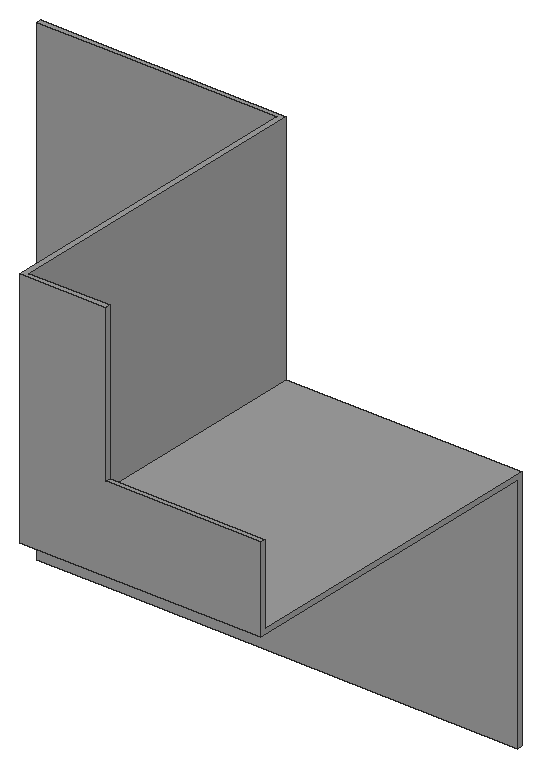
Revit family "Flashing_Preformed_Hyload_Type-W3", category Generic Models, Revit 2014
Parameters (values of type "As Specified")
  Unit Width = 0' - 7 1/8"
  Unit Height = 0' - 3"
  Unit Depth = 0' - 6"
  URL = "http://www.hyload.com/"
  Thickness = 0' - 0 1/16"
  Specification = "http://www.arcat.com/sdspecs/htm04/07_65_00hyl.htm"
  Sales Information = "http://www.hyload.com/contact-us"
  Revision = "R1_12-2015"
  Product Properties = "http://www.hyload.com/masonry-flashing/preformed-shapes/"
  Product Data = "http://www.arcat.com/arcatcos/cos33/arc33176.html"
  Model = "Type W3"
  Manufacturer Website = "http://www.hyload.com/"
  Manufacturer Phone - Toll Free = "800-457-4056"
  Manufacturer Phone = "330-769-3546"
  Manufacturer Fax = "330-769-4153"
  Manufacturer Address = "5020 Panther Pkwy., Seville, OH 44273"
  Manufacturer = "Hyload"
  Keynote = "07 65 00"
  Flashing Material = Hyload Flashing Membrane - Grey
  Drawn By = "Robert S. Weygant / Sumex Design"
  Description = "Preformed Hyload Masonry Flashing - Type W3"
  Copyright = "(c) ARCAT, Inc, 2015"
  Construction Details = "http://www.arcat.com/details/hyload/hyload.html?coid=33176"
  Assembly Code = "B3010400"
Reference planes (in)
  plane 1 "Center (Front/Back)": y = 0
  plane 2: z = 0
  plane 3 "Center (Left/Right)": x = 0
  plane 4: x = 3
  plane 5: z = 3
  plane 6: y = -4
  plane 7: z = 6
Forms (in)
  Sweep 1, solid, material "Hyload Flashing Membrane - Grey" <- "Flashing Material"
    path origin (0, 0, 0) x (1, 0, 0) y (0, 0, 1)
      loop
        line (3, 3) -> (0, 3) -> (0, 6)
    profile origin (1.5, 0, 3) x (0, 0, -1) y (0, -1, 0)
      loop
        line (0, 0) -> (0, 4) -> (-1.0625, 4) -> (-1.0625, 3.9375) -> (-0.0625, 3.9375) -> (-0.0625, -0.0625) -> (3, -0.0625) -> (3, 0) -> (0, 0)
  Extrusion 2, solid, material "Hyload Flashing Membrane - Grey" <- "Flashing Material"
    sketch origin (0, 0, 0) x (1, 0, 0) y (0, 0, 1)
      loop
        line (-2, 6) -> (-3, 6) -> (-3, 0) -> (-2, 0) -> (-2, 6)
    from -0.0625 to 0
Cuts and joins
  joined: Sweep 1, Extrusion 2
Dimensions and locks (in)
  "Unit Height": plane 5 to level
  plane 1 "Center (Front/Back)" to plane 6 = 0' - 4"
  plane 7 to level = 0' - 6"
  plane 4 to plane 3 "Center (Left/Right)" = 0' - 3"
  aligned and locked: plane 2 to level
  aligned and locked: plane 3 "Center (Left/Right)" to Sweep 1 sketch curve
  aligned and locked: plane 5 to Sweep 1 sketch curve  (x2)
  aligned and locked: Sweep 1 sketch curve to plane 6
  aligned and locked: Sweep 1 sketch curve to level
  aligned and locked: plane 7 to Sweep 1 sketch curve
  aligned and locked: Extrusion 2 sketch curve to plane 7
  aligned and locked: Sweep 1 to Extrusion 2 sketch curve
  aligned and locked: Extrusion 2 sketch curve to Sweep 1
  aligned and locked: Sweep 1 to Extrusion 2
  aligned and locked: plane 1 "Center (Front/Back)" to Extrusion 2
Automatic sketch dimensions
  profile plane to Sweep 1 sketch curve = 0' - 1 1/16"
  profile plane to Sweep 1 sketch curve = 0' - 0 1/16"
  Sweep 1 sketch curve to Sweep 1 sketch curve = 0' - 0 1/16"  (x2)
  Sweep 1 sketch curve to plane 1 "Center (Front/Back)" = 0' - 0"
  Sweep 1 sketch curve to plane 4 = 0' - 0"
  Extrusion 2 sketch curve to plane 3 "Center (Left/Right)" = 0' - 2"
